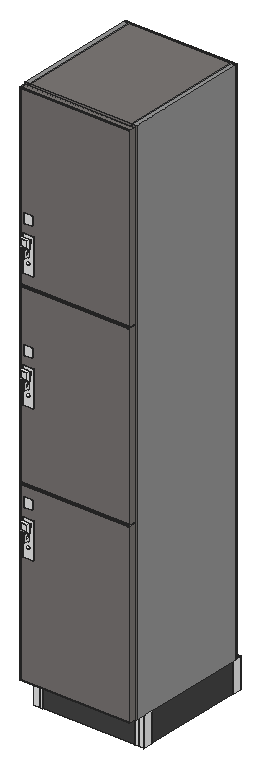
Revit family "Wood_Lockers_Hasps-Salsbury_Industries-15_43000_Series-1_Wide_Units.rfa", category Specialty Equipment, Revit 2016 (continued)
Definition of nested family "Premier Locker Doors_Hasp"
  Dimensions and locks (in)
    plane 48 to plane 30 "Center of Lock" to plane 47 = 0.188" locked, 0.188" locked
    locked: plane 46 "Top of Hole" to plane 49 "Bottom of Hole" at 1.25
    plane 49 "Bottom of Hole" to plane 50 "Stud Alignment" = 0.750"
    locked: plane 42 to plane 51 "Center of Handle" at 0.625
    plane 52 to plane 51 "Center of Handle" to plane 53 = 0.188" locked, 0.188" locked
    plane 7 "Front of Door" to plane 39 "Front of Knob" = 0.750"
    locked: plane 42 to plane 54 at 0.22204
    locked: plane 55 to plane 45 at 0.22204
    locked: plane 7 "Front of Door" to plane 56 "Front of Latch" at 0.625
    locked: plane 57 to plane 58 at 1
    locked: plane 46 "Top of Hole" to plane 57 at 0.1281
    equal spacing: plane 58, plane 59, plane 57
    locked: plane 60 to plane 5 "Right Side of Door" at 0.594
    locked: plane 57 to plane 61 at 0.0599
    locked: plane 62 to plane 58 at 0.06376
    plane 12 "Bottom of Number Tag" to plane 20 "Top of Lock" = 1.1875"
    aligned and locked: level to plane 2
    aligned and locked: Extrusion 5 to plane 11 "Top of Number Tag"
    aligned and locked: plane 12 "Bottom of Number Tag" to Extrusion 5
    aligned and locked: Extrusion 5 to plane 14 "Right Side of Number Tag"
    aligned and locked: Extrusion 5 to plane 13 "Left Side of Number Tag"
    aligned and locked: plane 29 "Back of Number Plate Inset" to Extrusion 5
    aligned and locked: plane 7 "Front of Door" to Extrusion 5
    aligned and locked: plane 29 "Back of Number Plate Inset" to Extrusion 6
    aligned and locked: plane 7 "Front of Door" to Extrusion 6
    aligned and locked: Extrusion 6 to plane 14 "Right Side of Number Tag"
    aligned and locked: Extrusion 6 to plane 13 "Left Side of Number Tag"
    aligned and locked: Extrusion 6 to plane 11 "Top of Number Tag"
    aligned and locked: plane 12 "Bottom of Number Tag" to Extrusion 6
    aligned and locked: curve 9 to Extrusion 8
    aligned and locked: curve 10 to Extrusion 8
    aligned and locked: curve 11 to Extrusion 8
    aligned and locked: Extrusion 7 to curve 12
    aligned and locked: curve 14 to Extrusion 7
    aligned and locked: curve 16 to plane 7 "Front of Door"
    aligned and locked: curve 19 to Extrusion 8  (x2)
    aligned and locked: curve 21 to Extrusion 8
    aligned and locked: curve 18 to curve 22
    aligned and locked: curve 22 to Extrusion 9  (x2)
    aligned and locked: curve 24 to Extrusion 9
    aligned and locked: curve 25 to Extrusion 10
    aligned and locked: curve 26 to Extrusion 10
    aligned and locked: curve 27 to Extrusion 10
    aligned and locked: plane 20 "Top of Lock" to Extrusion 11 sketch curve
    aligned and locked: Extrusion 11 sketch curve to plane 21 "Bottom of Lock"
    aligned and locked: Extrusion 11 to plane 29 "Back of Number Plate Inset"
    aligned and locked: plane 7 "Front of Door" to Extrusion 11
    aligned and locked: Extrusion 3 to Extrusion 11
    aligned and locked: Sweep 14 to plane 50 "Stud Alignment"  (x2)
    aligned and locked: Extrusion 15 to plane 7 "Front of Door"
    aligned and locked: Extrusion 15 to plane 22 "Front of Hasp Stud"
    aligned and locked: Extrusion 15 to plane 50 "Stud Alignment"
    aligned and locked: Blend 17 to plane 39 "Front of Knob"
    aligned and locked: plane 38 "Inner Knob" to Blend 17
    aligned and locked: plane 6 "Back of Door" to Extrusion 18 sketch curve
    aligned and locked: plane 56 "Front of Latch" to Extrusion 18 sketch curve
    aligned and locked: Extrusion 18 to plane 57
    aligned and locked: plane 58 to Extrusion 18
    aligned and locked: plane 59 to cut or joined group of Extrusion 18, Extrusion 19
    aligned and locked: Extrusion 13 sketch curve to plane 61  (x2)
    aligned and locked: Extrusion 13 sketch curve to plane 62  (x2)
  Automatic sketch dimensions
    Extrusion 1 sketch curve to plane 4 "Left Side of Door" = 0.031"
    plane 5 "Right Side of Door" to Extrusion 1 sketch curve = 0.031"
    level to Extrusion 1 sketch curve = 0.031"
    plane 9 "Top of Door" to Extrusion 1 sketch curve = 0.031"
    Extrusion 2 sketch curve to plane 4 "Left Side of Door" = 0.031"
    plane 5 "Right Side of Door" to Extrusion 2 sketch curve = 0.031"
    level to Extrusion 2 sketch curve = 0.031"
    plane 9 "Top of Door" to Extrusion 2 sketch curve = 0.031"
    Extrusion 3 sketch curve to plane 4 "Left Side of Door" = 0.031"
    plane 5 "Right Side of Door" to Extrusion 3 sketch curve = 0.031"
    level to Extrusion 3 sketch curve = 0.031"
    plane 9 "Top of Door" to Extrusion 3 sketch curve = 0.031"
    plane 23 "Left Side of Door-Right Side of Trim" to Sweep 4 sketch curve = 0.000"
    plane 24 "Right Side of Door-Left Side of Trim" to Sweep 4 sketch curve = 0.000"  (x2)
    Sweep 4 sketch curve to plane 26 "Bottom of Door-Top of Trim" = 0.000"
    Sweep 4 sketch curve to plane 25 "Top of Door-Bottom of Trim" = 0.000"
    profile plane to Sweep 4 sketch curve = 0.125"
    Sweep 4 sketch curve to Sweep 4 sketch curve = 0.031"
    Sweep 4 sketch curve to plane 1 "Center (Front/Back)" = 0.375"
    plane 1 "Center (Front/Back)" to Sweep 4 sketch curve = 0.375"
    Extrusion 7 sketch curve to plane 33 = 0.000"
    Extrusion 7 sketch curve to plane 34 = 0.000"
    plane 36 to Extrusion 8 sketch curve = 0.000"
    Extrusion 8 sketch curve to Extrusion 8 sketch curve = 0.500"
    plane 35 "Top Hinge" to Extrusion 8 sketch curve = 0.250"
    Extrusion 8 sketch curve to plane 35 "Top Hinge" = 0.250"
    plane 36 to Extrusion 9 sketch curve = 0.000"
    Extrusion 9 sketch curve to Extrusion 9 sketch curve = 0.500"
    plane 37 "Bottom Hinge" to Extrusion 9 sketch curve = 0.250"
    Extrusion 9 sketch curve to plane 37 "Bottom Hinge" = 0.250"
    plane 36 to Extrusion 10 sketch curve = 0.000"
    Extrusion 10 sketch curve to Extrusion 10 sketch curve = 0.500"
    curve 4 to level = 0.000"
    plane 4 "Left Side of Door" to curve 4 = 0.000"
    plane 5 "Right Side of Door" to curve 3 = 0.000"
    curve 3 to plane 9 "Top of Door" = 0.000"
    Extrusion 5 sketch curve to plane 13 "Left Side of Number Tag" = 0.000"
    Extrusion 5 sketch curve to plane 12 "Bottom of Number Tag" = 0.000"
    Extrusion 5 sketch curve to plane 11 "Top of Number Tag" = 0.000"
    Extrusion 5 sketch curve to plane 14 "Right Side of Number Tag" = 0.000"
    Extrusion 6 sketch curve to plane 13 "Left Side of Number Tag" = 0.000"
    Extrusion 6 sketch curve to plane 12 "Bottom of Number Tag" = 0.000"
    Extrusion 6 sketch curve to plane 11 "Top of Number Tag" = 0.000"
    Extrusion 6 sketch curve to plane 14 "Right Side of Number Tag" = 0.000"
    Extrusion 11 sketch curve to plane 13 "Left Side of Number Tag" = 0.125"
    Extrusion 10 sketch curve to plane 10 "Center of Door" = 0.250"
    plane 10 "Center of Door" to Extrusion 10 sketch curve = 0.250"
    Extrusion 11 sketch curve to plane 21 "Bottom of Lock" = 0.125"
    plane 13 "Left Side of Number Tag" to Extrusion 5 sketch curve = 0.14916"
    Extrusion 5 sketch curve to Extrusion 5 sketch curve = 0.14916"  (x2)
    plane 13 "Left Side of Number Tag" to Extrusion 6 sketch curve = 0.14916"
    Extrusion 6 sketch curve to plane 12 "Bottom of Number Tag" = 0.14916"
    plane 13 "Left Side of Number Tag" to Extrusion 11 sketch curve = 0.000"  (x2)
    Extrusion 5 sketch curve to plane 12 "Bottom of Number Tag" = 0.14916"
    Extrusion 6 sketch curve to plane 14 "Right Side of Number Tag" = 0.14916"  (x2)
    plane 14 "Right Side of Number Tag" to Extrusion 11 sketch curve = 0.000"  (x2)
    Extrusion 12 sketch curve to plane 17 "Left Side of Lock" = 0.000"
    plane 13 "Left Side of Number Tag" to Extrusion 12 sketch curve = 0.000"  (x2)
    plane 14 "Right Side of Number Tag" to Extrusion 12 sketch curve = 0.000"  (x2)
    Extrusion 12 sketch curve to plane 20 "Top of Lock" = 0.000"
    Extrusion 12 sketch curve to plane 18 "Right Side of Lock" = 0.000"
    Extrusion 12 sketch curve to plane 21 "Bottom of Lock" = 0.125"
    plane 15 "Horizontal Center of Number Tag" to Sweep 14 sketch curve = 0.000"
    Sweep 14 sketch curve to plane 50 "Stud Alignment" = 0.000"
    Sweep 14 sketch curve to plane 7 "Front of Door" = 0.000"
    Sweep 14 sketch curve to profile plane = 0.000"
    profile plane to Sweep 14 sketch curve = 0.00168"
    profile plane to Sweep 14 sketch curve = 0.156"
    Sweep 14 sketch curve to plane 7 "Front of Door" = 0.03275"
    Extrusion 15 sketch curve to Extrusion 15 sketch curve = 0.000"  (x2)
    Extrusion 15 sketch curve to plane 50 "Stud Alignment" = 0.000"
    plane 15 "Horizontal Center of Number Tag" to Extrusion 15 sketch curve = 0.000"
    plane 15 "Horizontal Center of Number Tag" to Extrusion 15 sketch curve = 0.010"
    plane 13 "Left Side of Number Tag" to Sweep 16 sketch curve = 0.000"
    plane 14 "Right Side of Number Tag" to Sweep 16 sketch curve = 0.000"
    Sweep 16 sketch curve to plane 45 = 0.000"
    Sweep 16 sketch curve to plane 42 = 0.000"
    Sweep 16 sketch curve to plane 7 "Front of Door" = 0.000"
    profile plane to Sweep 16 sketch curve = 0.000"
    profile plane to Sweep 16 sketch curve = 0.22043"
    Sweep 16 sketch curve to Sweep 16 sketch curve = 0.01681"
    profile plane to Sweep 16 sketch curve = 0.33926"
    Sweep 16 sketch curve to Sweep 16 sketch curve = 0.14344"
    Sweep 16 sketch curve to Sweep 16 sketch curve = 0.15329"
    Sweep 16 sketch curve to Sweep 16 sketch curve = 0.59563"
    Sweep 16 sketch curve to Sweep 16 sketch curve = 0.24142"
    Sweep 16 sketch curve to Sweep 16 sketch curve = 0.00858"
    Sweep 16 sketch curve to Sweep 16 sketch curve = 0.51788"
    Sweep 16 sketch curve to Sweep 16 sketch curve = 0.31119"
    Sweep 16 sketch curve to Sweep 16 sketch curve = 0.11721"
    Sweep 16 sketch curve to Sweep 16 sketch curve = 0.01742"
    Sweep 16 sketch curve to Sweep 16 sketch curve = 0.06553"
    Sweep 16 sketch curve to Sweep 16 sketch curve = 0.000"
    Blend 17 sketch curve to plane 54 = 0.000"
    Blend 17 sketch curve to plane 55 = 0.000"
    Blend 17 sketch curve to plane 47 = 0.21496"
    plane 48 to Blend 17 sketch curve = 0.21496"
    plane 54 to Blend 17 sketch curve = 0.03267"
    Blend 17 sketch curve to plane 40 = 0.00461"
    Blend 17 sketch curve to plane 47 = 0.18235"
    plane 48 to Blend 17 sketch curve = 0.18227"
    Extrusion 18 sketch curve to plane 57 = 0.000"
    Extrusion 18 sketch curve to plane 58 = 0.000"
    plane 59 to Extrusion 19 sketch curve = 0.000"
    Extrusion 19 sketch curve to plane 22 "Front of Hasp Stud" = 0.16637"
    curve 29 to plane 14 "Right Side of Number Tag" = 0.000"
    curve 29 to plane 20 "Top of Lock" = 0.000"
    curve 30 to plane 18 "Right Side of Lock" = 0.000"
    curve 29 to plane 13 "Left Side of Number Tag" = 0.000"
    curve 31 to plane 42 = 0.000"
    curve 32 to plane 21 "Bottom of Lock" = 0.125"
    curve 34 to plane 14 "Right Side of Number Tag" = 0.000"
    curve 35 to plane 13 "Left Side of Number Tag" = 0.000"
    plane 15 "Horizontal Center of Number Tag" to curve 37 = 0.000"
    plane 47 to curve 37 = 0.000"
    plane 57 to curve 37 = 0.0599"
    curve 39 to plane 58 = 0.0661"
    curve 42 to plane 14 "Right Side of Number Tag" = 0.000"
    curve 41 to plane 13 "Left Side of Number Tag" = 0.000"
    curve 41 to plane 45 = 0.000"
    curve 43 to plane 42 = 0.000"
    curve 46 to plane 57 = 0.000"
    curve 46 to plane 15 "Horizontal Center of Number Tag" = 0.063"
    plane 15 "Horizontal Center of Number Tag" to curve 45 = 0.063"
    curve 47 to plane 58 = 0.000"
    curve 15 to plane 6 "Back of Door" = 0.000"
    plane 9 "Top of Door" to curve 15 = 0.000"
    plane 57 to curve 49 = 0.000"
    curve 51 to plane 56 "Front of Latch" = 0.000"
    plane 58 to curve 51 = 0.000"
    curve 17 to level = 0.000"
    plane 59 to curve 52 = 0.000"
    curve 53 to plane 22 "Front of Hasp Stud" = 0.16637"
    plane 7 "Front of Door" to curve 53 = 0.04137"
    plane 53 to curve 54 = 0.05633"
    curve 54 to plane 22 "Front of Hasp Stud" = 0.11642"
    plane 55 to curve 55 = 0.00161"
    curve 55 to plane 40 = 0.00465"
    plane 45 to curve 56 = 0.000"
    curve 56 to plane 39 "Front of Knob" = 0.01788"
    curve 56 to plane 40 = 0.08926"
    plane 55 to curve 57 = 0.000"
    curve 57 to plane 40 = 0.03757"
    plane 39 "Front of Knob" to curve 57 = 0.004"
    plane 42 to curve 60 = 0.000"
    curve 58 to plane 39 "Front of Knob" = 0.000"
    plane 54 to curve 58 = 0.000"
    plane 54 to curve 59 = 0.000"
    plane 55 to curve 58 = 0.000"
    curve 60 to plane 39 "Front of Knob" = 0.01788"
    curve 60 to plane 52 = 0.09774"
    plane 54 to curve 60 = 0.03261"
    plane 56 "Front of Latch" to curve 59 = 0.02711"
    plane 54 to curve 59 = 0.06553"
    plane 39 "Front of Knob" to curve 59 = 0.004"
    curve 61 to plane 54 = 0.00161"
    curve 61 to plane 22 "Front of Hasp Stud" = 0.11642"
    plane 6 "Back of Door" to curve 9 = 0.000"
    curve 6 to plane 4 "Left Side of Door" = 0.000"
    plane 7 "Front of Door" to curve 6 = 0.000"
    plane 7 "Front of Door" to curve 28 = 0.000"
    curve 67 to plane 14 "Right Side of Number Tag" = 0.000"
    curve 65 to plane 13 "Left Side of Number Tag" = 0.000"
    curve 66 to plane 39 "Front of Knob" = 0.000"
    curve 28 to plane 17 "Left Side of Lock" = 0.000"
    curve 28 to plane 18 "Right Side of Lock" = 0.000"
    curve 8 to plane 5 "Right Side of Door" = 0.000"
    curve 64 to plane 22 "Front of Hasp Stud" = 0.11642"
    curve 69 to plane 22 "Front of Hasp Stud" = 0.11642"
    curve 68 to plane 39 "Front of Knob" = 0.01788"
    curve 65 to plane 39 "Front of Knob" = 0.01788"
    curve 14 to plane 23 "Left Side of Door-Right Side of Trim" = 0.07537"
    plane 48 to curve 64 = 0.21657"
    plane 48 to curve 65 = 0.09774"
    plane 48 to curve 63 = 0.05633"
    curve 70 to plane 47 = 0.05633"
    curve 68 to plane 47 = 0.09774"
    curve 69 to curve 69 = 0.16024"
    curve 64 to curve 65 = 0.15655"
    curve 69 to curve 68 = 0.15655"
    plane 39 "Front of Knob" to curve 67 = 0.004"
    plane 33 to curve 14 = 0.250"
    curve 66 to curve 65 = 0.11721"
    curve 67 to plane 47 = 0.14943"
    curve 68 to curve 66 = 0.11721"
    curve 67 to curve 66 = 0.000"
    plane 39 "Front of Knob" to curve 71 = 0.004"
    curve 71 to curve 66 = 0.000"
    plane 48 to curve 71 = 0.14943"
    plane 1 "Center (Front/Back)" to curve 73 = 0.000"
    curve 73 to plane 4 "Left Side of Door" = 0.000"
    curve 73 to plane 60 = 0.000"
    plane 48 to Extrusion 13 sketch curve = 0.000"
    plane 15 "Horizontal Center of Number Tag" to Extrusion 13 sketch curve = 0.000"
    radius of Extrusion 7 sketch curve = 0.250"
    radius of Sweep 14 sketch curve = 0.010"
    radius of Extrusion 19 sketch curve = 0.250"
Definition of nested family "Wood Locker Bases"
  Parameters (values of type "Base - 12" W x 15" D Lockers")
    Width = 12.000"
    Visible Base = yes
    Visible = no
    Model = "Base - 12\" W x 15\" D Lockers"
    Manufacturer = "Salsbury Industries"
    Height = 4.000"
    Depth = 13.250"
    Base Secondary Material = none
    Base Primary Materials = none
    Base Hardware = none
  Types (14): name | Width | Visible Base | Visible | Model | Depth
    (no name) | 12.000" | yes | no | "Base - 12\" W x 15\" D Lockers" | 13.250"
    Base - 12" W x 15" D Lockers | 12.000" | yes | no | "Base - 12\" W x 15\" D Lockers" | 13.250"
    Base - 12" W x 18" D Lockers | 12.000" | yes | no | "Base - 12\" W x 18\" D Lockers" | 16.250"
    Base - 12" W x 21" D Lockers | 12.000" | yes | no | "Base - 12\" W x 21\" D Lockers" | 19.250"
    Base - 36" W x 15" D Lockers | 36.000" | yes | yes | "Base - 36\" W x 15\" D Lockers" | 13.250"
    Base - 36" W x 18" D Lockers | 36.000" | yes | yes | "Base - 36\" W x 18\" D Lockers" | 16.250"
    Base - 36" W x 21" D Lockers | 36.000" | yes | yes | "Base - 36\" W x 21\" D Lockers" | 19.250"
    Base - 15" W x 18" D Lockers | 15.000" | yes | no | "Base - 15\" W x 18\" D Lockers" | 16.250"
    Base - 15" W x 21" D Lockers | 15.000" | yes | no | "Base - 15\" W x 21\" D Lockers" | 19.250"
    Base - 15" W x 24" D Lockers | 15.000" | yes | no | "Base - 15\" W x 24\" D Lockers" | 22.250"
    Base - 45" W x 18" D Lockers | 45.000" | yes | yes | "Base - 45\" W x 18\" D Lockers" | 16.250"
    Base - 45" W x 21" D Lockers | 45.000" | yes | yes | "Base - 45\" W x 21\" D Lockers" | 19.250"
    Base - 45" W x 24" D Lockers | 45.000" | yes | yes | "Base - 45\" W x 24\" D Lockers" | 22.250"
    None | 12.000" | no | no | "Base - 12\" W x 15\" D Lockers" | 13.250"
  Reference planes (in)
    plane 1 "Center (Front/Back)": y = 0
    plane 2: z = 0
    plane 3 "Center (Left/Right)": x = 0
    plane 4 "Left Edge": x = -6
    plane 5 "Right Edge": x = 6
    plane 6 "Back Edge": y = 6.625
    plane 7 "Front Edge": y = -6.625
    plane 8 "Bottom Edge": z = 0
    plane 9 "Top Edge": z = 4
    plane 10: x = -4.75
    plane 11: x = -4.102
    plane 12: y = 6.562
    plane 13: y = 5.8
    plane 14: x = -5.131
    plane 15: x = -5.256
    plane 16: x = -5.937
    plane 17: x = -5.175
    plane 18: y = 4.727
    plane 19: y = 5.375
    plane 20: y = 5.756
    plane 21: y = 5.881
    plane 22: x = -5.931
    plane 23: x = 5.931
    plane 24: y = 6.556
    plane 25: y = -6.556
    plane 26: y = 6.525
    plane 27: y = -6.525
    plane 28: x = -5.9
    plane 29: x = 5.9
    plane 30: x = -2.375
    plane 31: x = 2.375
  Forms (in)
    Extrusion 1, solid, material <- "Base Hardware", visible <- "Visible Base"
      sketch origin (0, 0, 0) x (1, 0, 0) y (0, 1, 0)
        loop
          arc (-5.96712, 6.625) -> (-5.99098, 6.61598) -> (-6, 6.59212) r 0.031
          line (-6, 6.59212) -> (-6, 5.4065)
          arc (-6, 5.4065) -> (-5.9685, 5.375) -> (-5.937, 5.4065) r 0.0315
          line (-5.937, 5.4065) -> (-5.937, 5.756) -> (-5.837, 5.756) -> (-5.837, 5.819) -> (-5.937, 5.819) -> (-5.937, 6.51465) -> (-5.256, 5.83365) -> (-5.256, 5.756) -> (-5.175, 5.756) -> (-5.175, 4.75833)
          arc (-5.175, 4.75833) -> (-5.14367, 4.727) -> (-5.11235, 4.75833) r 0.03133
          line (-5.11235, 4.75833) -> (-5.11235, 5.73703) -> (-4.13348, 5.73703)
          arc (-4.13348, 5.73703) -> (-4.102, 5.76852) -> (-4.13348, 5.8) r 0.03148
          line (-4.13348, 5.8) -> (-5.131, 5.8) -> (-5.131, 5.881) -> (-5.21422, 5.881) -> (-5.89522, 6.562) -> (-5.194, 6.562) -> (-5.194, 6.462) -> (-5.131, 6.462) -> (-5.131, 6.562) -> (-4.7814, 6.562)
          arc (-4.7814, 6.562) -> (-4.7499, 6.5935) -> (-4.7814, 6.625) r 0.0315
          line (-4.7814, 6.625) -> (-5.96712, 6.625)
      from 0 to 4
    Extrusion 2, solid, material <- "Base Hardware", visible <- "Visible Base"
      sketch origin (0, 0, 0) x (-1, 0, 0) y (0, -1, 0)
        loop
          line (-5.96712, -6.625) -> (-4.7814, -6.625)
          arc (-4.7814, -6.625) -> (-4.7499, -6.5935) -> (-4.7814, -6.562) r 0.0315
          line (-4.7814, -6.562) -> (-5.131, -6.562) -> (-5.131, -6.462) -> (-5.194, -6.462) -> (-5.194, -6.562) -> (-5.89522, -6.562) -> (-5.21422, -5.881) -> (-5.131, -5.881) -> (-5.131, -5.8) -> (-4.13348, -5.8)
          arc (-4.13348, -5.8) -> (-4.102, -5.76852) -> (-4.13348, -5.73703) r 0.03148
          line (-4.13348, -5.73703) -> (-5.11235, -5.73703) -> (-5.11235, -4.75833)
          arc (-5.11235, -4.75833) -> (-5.14367, -4.727) -> (-5.175, -4.75833) r 0.03133
          line (-5.175, -4.75833) -> (-5.175, -5.756) -> (-5.256, -5.756) -> (-5.256, -5.83365) -> (-5.937, -6.51465) -> (-5.937, -5.819) -> (-5.837, -5.819) -> (-5.837, -5.756) -> (-5.937, -5.756) -> (-5.937, -5.4065)
          arc (-5.937, -5.4065) -> (-5.9685, -5.375) -> (-6, -5.4065) r 0.0315
          line (-6, -5.4065) -> (-6, -6.59212)
          arc (-6, -6.59212) -> (-5.99098, -6.61598) -> (-5.96712, -6.625) r 0.031
      from 0 to 4
    Extrusion 3, solid, material <- "Base Hardware", visible <- "Visible Base"
      sketch origin (0, 0, 0) x (1, 0, 0) y (0, 1, 0)
        loop
          line (-5.96712, -6.625) -> (-4.7814, -6.625)
          arc (-4.7814, -6.625) -> (-4.7499, -6.5935) -> (-4.7814, -6.562) r 0.0315
          line (-4.7814, -6.562) -> (-5.131, -6.562) -> (-5.131, -6.462) -> (-5.194, -6.462) -> (-5.194, -6.562) -> (-5.89522, -6.562) -> (-5.21422, -5.881) -> (-5.131, -5.881) -> (-5.131, -5.8) -> (-4.13348, -5.8)
          arc (-4.13348, -5.8) -> (-4.102, -5.76852) -> (-4.13348, -5.73703) r 0.03148
          line (-4.13348, -5.73703) -> (-5.11235, -5.73703) -> (-5.11235, -4.75833)
          arc (-5.11235, -4.75833) -> (-5.14367, -4.727) -> (-5.175, -4.75833) r 0.03133
          line (-5.175, -4.75833) -> (-5.175, -5.756) -> (-5.256, -5.756) -> (-5.256, -5.83365) -> (-5.937, -6.51465) -> (-5.937, -5.819) -> (-5.837, -5.819) -> (-5.837, -5.756) -> (-5.937, -5.756) -> (-5.937, -5.4065)
          arc (-5.937, -5.4065) -> (-5.9685, -5.375) -> (-6, -5.4065) r 0.0315
          line (-6, -5.4065) -> (-6, -6.59212)
          arc (-6, -6.59212) -> (-5.99098, -6.61598) -> (-5.96712, -6.625) r 0.031
      from 0 to 4
    Extrusion 4, solid, material <- "Base Hardware", visible <- "Visible Base"
      sketch origin (0, 0, 0) x (-1, 0, 0) y (0, -1, 0)
        loop
          arc (-5.96712, 6.625) -> (-5.99098, 6.61598) -> (-6, 6.59212) r 0.031
          line (-6, 6.59212) -> (-6, 5.4065)
          arc (-6, 5.4065) -> (-5.9685, 5.375) -> (-5.937, 5.4065) r 0.0315
          line (-5.937, 5.4065) -> (-5.937, 5.756) -> (-5.837, 5.756) -> (-5.837, 5.819) -> (-5.937, 5.819) -> (-5.937, 6.51465) -> (-5.256, 5.83365) -> (-5.256, 5.756) -> (-5.175, 5.756) -> (-5.175, 4.75833)
          arc (-5.175, 4.75833) -> (-5.14367, 4.727) -> (-5.11235, 4.75833) r 0.03133
          line (-5.11235, 4.75833) -> (-5.11235, 5.73703) -> (-4.13348, 5.73703)
          arc (-4.13348, 5.73703) -> (-4.102, 5.76852) -> (-4.13348, 5.8) r 0.03148
          line (-4.13348, 5.8) -> (-5.131, 5.8) -> (-5.131, 5.881) -> (-5.21422, 5.881) -> (-5.89522, 6.562) -> (-5.194, 6.562) -> (-5.194, 6.462) -> (-5.131, 6.462) -> (-5.131, 6.562) -> (-4.7814, 6.562)
          arc (-4.7814, 6.562) -> (-4.7499, 6.5935) -> (-4.7814, 6.625) r 0.0315
          line (-4.7814, 6.625) -> (-5.96712, 6.625)
      from 0 to 4
    Extrusion 5, solid, material <- "Base Secondary Material", visible <- "Visible Base"
      sketch origin (0, 0, 0) x (0, -1, 0) y (1, 0, 0)
        loop
          line (-5.756, 5.9) -> (-5.756, 5.181) -> (5.75697, 5.181) -> (5.75697, 5.9) -> (-5.756, 5.9)
      from 0 to 4
    Extrusion 6, solid, material <- "Base Secondary Material", visible <- "Visible Base"
      sketch origin (0, 0, 0) x (0, -1, 0) y (1, 0, 0)
        loop
          line (-5.756, -5.9) -> (5.75697, -5.9) -> (5.75697, -5.181) -> (-5.756, -5.181) -> (-5.756, -5.9)
      from 0 to 4
    Extrusion 7, solid, material <- "Base Secondary Material", visible <- "Visible Base"
      sketch origin (-2.05521, 0.625, 0) x (1, 0, 0) y (0, 1, 0)
        loop
          line (-3.07579, 5.9) -> (-3.07579, 5.181) -> (7.18621, 5.181) -> (7.18621, 5.9) -> (-3.07579, 5.9)
      from 0 to 4
    Extrusion 8, solid, material <- "Base Secondary Material", visible <- "Visible Base"
      sketch origin (-2.05521, -0.625, 0) x (1, 0, 0) y (0, 1, 0)
        loop
          line (-3.07579, -5.9) -> (7.18621, -5.9) -> (7.18621, -5.181) -> (-3.07579, -5.181) -> (-3.07579, -5.9)
      from 0 to 4
    Extrusion 9, solid, material <- "Base Primary Materials", visible <- "Visible Base"
      sketch origin (0.76452, 0, 0) x (0, -1, 0) y (1, 0, 0)
        loop
          line (-5.756, 5.16648) -> (-5.756, 5.13548) -> (5.75697, 5.13548) -> (5.75697, 5.16648) -> (-5.756, 5.16648)
      from 0 to 4
    Extrusion 10, solid, material <- "Base Primary Materials", visible <- "Visible Base"
      sketch origin (-0.719, 0, 0) x (0, -1, 0) y (1, 0, 0)
        loop
          line (-5.756, -5.212) -> (5.75697, -5.212) -> (5.75697, -5.181) -> (-5.756, -5.181) -> (-5.756, -5.212)
      from 0 to 4
    Extrusion 11, solid, material <- "Base Primary Materials", visible <- "Visible Base"
      sketch origin (-2.05521, 1.344, 0) x (1, 0, 0) y (0, 1, 0)
        loop
          line (-3.07579, 5.218) -> (-3.07579, 5.181) -> (7.18621, 5.181) -> (7.18621, 5.218) -> (-3.07579, 5.218)
      from 0 to 4
    Extrusion 12, solid, material <- "Base Primary Materials", visible <- "Visible Base"
      sketch origin (-2.05521, -1.344, 0) x (1, 0, 0) y (0, 1, 0)
        loop
          line (-3.07579, -5.212) -> (7.18621, -5.212) -> (7.18621, -5.181) -> (-3.07579, -5.181) -> (-3.07579, -5.212)
      from 0 to 4
    Extrusion 13, solid, material <- "Base Secondary Material", visible <- "Visible"
      sketch origin (0, 0, 4) x (0, -1, 0) y (1, 0, 0)
        loop
          line (-5.806, -2.375) -> (5.806, -2.375) -> (5.806, 2.375) -> (-5.806, 2.375) -> (-5.806, -2.375)
      from 0 to -0.75
    Extrusion 14, solid, material <- "Base Secondary Material", visible <- "Visible"
      sketch origin (0, 0, 0) x (0, -1, 0) y (1, 0, 0)
        loop
          line (-5.806, -2.375) -> (-5.056, -2.375) -> (-5.056, 2.375) -> (-5.806, 2.375) -> (-5.806, -2.375)
      from 0 to 3.25
    Extrusion 15, solid, material <- "Base Secondary Material", visible <- "Visible"
      sketch origin (0, 0, 0) x (0, 1, 0) y (-1, 0, 0)
        loop
          line (-5.806, 2.375) -> (-5.806, -2.375) -> (-5.056, -2.375) -> (-5.056, 2.375) -> (-5.806, 2.375)
      from 0 to 3.25
  Dimensions and locks (in)
    equal spacing: plane 4 "Left Edge", plane 3 "Center (Left/Right)", plane 5 "Right Edge"
    "Width": plane 4 "Left Edge" to plane 5 "Right Edge"
    equal spacing: plane 7 "Front Edge", plane 1 "Center (Front/Back)", plane 6 "Back Edge"
    "Depth": plane 7 "Front Edge" to plane 6 "Back Edge"
    "Height": plane 9 "Top Edge" to plane 8 "Bottom Edge"
    locked: plane 4 "Left Edge" to plane 10 at 1.25
    locked: plane 4 "Left Edge" to plane 11 at 1.898
    locked: plane 12 to plane 6 "Back Edge" at 0.063
    plane 14 to plane 10 = 0.381"
    locked: plane 12 to plane 13 at 0.762
    locked: plane 4 "Left Edge" to plane 16 at 0.063
    locked: plane 16 to plane 17 at 0.762
    locked: plane 19 to plane 6 "Back Edge" at 1.25
    locked: plane 18 to plane 6 "Back Edge" at 1.898
    plane 15 to plane 17 = 0.081"
    plane 21 to plane 13 = 0.081"
    plane 19 to plane 20 = 0.381"
    plane 24 to plane 6 "Back Edge" = 0.069"
    plane 7 "Front Edge" to plane 25 = 0.069"
    plane 23 to plane 5 "Right Edge" = 0.069"
    plane 4 "Left Edge" to plane 22 = 0.069"
    plane 26 to plane 24 = 0.031"
    plane 25 to plane 27 = 0.031"
    plane 22 to plane 28 = 0.031"
    plane 29 to plane 23 = 0.031"
    plane 30 to plane 3 "Center (Left/Right)" to plane 31 = 2.375" locked, 2.375" locked
    aligned and locked: level to plane 2
    aligned and locked: plane 30 to Extrusion 13
    aligned and locked: plane 30 to Extrusion 14
    aligned and locked: plane 30 to Extrusion 15
    aligned and locked: Extrusion 13 to plane 31
    aligned and locked: Extrusion 14 to plane 31
    aligned and locked: Extrusion 15 to plane 31
  Automatic sketch dimensions
    Extrusion 1 sketch curve to plane 4 "Left Edge" = 0.000"
    plane 6 "Back Edge" to Extrusion 1 sketch curve = 0.000"
    Extrusion 1 sketch curve to plane 16 = 0.000"  (x2)
    Extrusion 1 sketch curve to plane 12 = 0.000"  (x2)
    plane 20 to Extrusion 1 sketch curve = 0.000"  (x2)
    Extrusion 1 sketch curve to plane 15 = 0.000"
    plane 21 to Extrusion 1 sketch curve = 0.000"
    Extrusion 1 sketch curve to plane 17 = 0.000"
    Extrusion 1 sketch curve to plane 14 = 0.000"  (x2)
    Extrusion 1 sketch curve to plane 13 = 0.000"
    Extrusion 1 sketch curve to plane 4 "Left Edge" = 0.03094"
    plane 16 to Extrusion 1 sketch curve = 0.03012"
    Extrusion 1 sketch curve to plane 28 = 0.00478"
    Extrusion 1 sketch curve to plane 28 = 0.063"
    plane 17 to Extrusion 1 sketch curve = 0.03922"
    plane 17 to Extrusion 1 sketch curve = 0.019"
    plane 14 to Extrusion 1 sketch curve = 0.01267"
    plane 10 to Extrusion 1 sketch curve = 0.0314"
    plane 11 to Extrusion 1 sketch curve = 0.03148"
    plane 20 to Extrusion 1 sketch curve = 0.01897"
    Extrusion 1 sketch curve to plane 19 = 0.0315"
    Extrusion 1 sketch curve to plane 18 = 0.03133"
    plane 13 to Extrusion 1 sketch curve = 0.019"
    plane 13 to Extrusion 1 sketch curve = 0.03365"
    plane 26 to Extrusion 1 sketch curve = 0.063"
    plane 26 to Extrusion 1 sketch curve = 0.01035"
    plane 12 to Extrusion 1 sketch curve = 0.03012"
    Extrusion 2 sketch curve to plane 5 "Right Edge" = 0.000"
    plane 6 "Back Edge" to Extrusion 2 sketch curve = 0.000"
    plane 20 to Extrusion 2 sketch curve = 0.000"  (x2)
    plane 12 to Extrusion 2 sketch curve = 0.000"  (x2)
    plane 21 to Extrusion 2 sketch curve = 0.000"
    plane 13 to Extrusion 2 sketch curve = 0.000"
    Extrusion 2 sketch curve to plane 5 "Right Edge" = 0.03094"
    Extrusion 2 sketch curve to Extrusion 2 sketch curve = 0.0315"
    Extrusion 2 sketch curve to Extrusion 2 sketch curve = 0.00194"
    plane 23 to Extrusion 2 sketch curve = 0.006"
    Extrusion 2 sketch curve to plane 29 = 0.00478"
    Extrusion 2 sketch curve to plane 29 = 0.063"
    Extrusion 2 sketch curve to plane 13 = 0.03365"
    Extrusion 2 sketch curve to Extrusion 2 sketch curve = 0.581"
    Extrusion 2 sketch curve to Extrusion 2 sketch curve = 0.04178"
    Extrusion 2 sketch curve to plane 26 = 0.063"
    Extrusion 2 sketch curve to Extrusion 2 sketch curve = 0.02022"
    plane 18 to Extrusion 2 sketch curve = 0.03133"
    Extrusion 2 sketch curve to plane 29 = 0.725"
    Extrusion 2 sketch curve to Extrusion 2 sketch curve = 0.03133"
    Extrusion 2 sketch curve to Extrusion 2 sketch curve = 0.063"
    Extrusion 2 sketch curve to Extrusion 2 sketch curve = 0.08322"
    Extrusion 2 sketch curve to Extrusion 2 sketch curve = 0.3496"
    Extrusion 2 sketch curve to Extrusion 2 sketch curve = 0.97886"
    plane 19 to Extrusion 2 sketch curve = 0.0315"
    Extrusion 2 sketch curve to plane 20 = 0.01897"
    Extrusion 2 sketch curve to plane 13 = 0.019"
    Extrusion 2 sketch curve to plane 26 = 0.01035"
    Extrusion 2 sketch curve to plane 12 = 0.03012"
    Extrusion 3 sketch curve to plane 4 "Left Edge" = 0.000"
    plane 7 "Front Edge" to Extrusion 3 sketch curve = 0.000"
    Extrusion 3 sketch curve to plane 16 = 0.000"  (x2)
    Extrusion 3 sketch curve to plane 15 = 0.000"
    Extrusion 3 sketch curve to plane 17 = 0.000"
    Extrusion 3 sketch curve to plane 14 = 0.000"  (x2)
    plane 4 "Left Edge" to Extrusion 3 sketch curve = 0.03094"
    Extrusion 3 sketch curve to plane 16 = 0.03012"
    plane 28 to Extrusion 3 sketch curve = 0.00478"
    plane 28 to Extrusion 3 sketch curve = 0.063"
    Extrusion 3 sketch curve to plane 17 = 0.03922"
    Extrusion 3 sketch curve to plane 17 = 0.019"
    Extrusion 3 sketch curve to plane 14 = 0.01267"
    Extrusion 3 sketch curve to plane 25 = 0.006"  (x2)
    Extrusion 3 sketch curve to plane 10 = 0.0314"
    Extrusion 3 sketch curve to plane 11 = 0.03148"
    plane 27 to Extrusion 3 sketch curve = 0.01035"
    plane 27 to Extrusion 3 sketch curve = 0.063"
    Extrusion 3 sketch curve to Extrusion 3 sketch curve = 0.581"
    Extrusion 3 sketch curve to Extrusion 3 sketch curve = 0.04735"
    Extrusion 3 sketch curve to Extrusion 3 sketch curve = 0.01465"
    Extrusion 3 sketch curve to Extrusion 3 sketch curve = 0.081"
    Extrusion 3 sketch curve to Extrusion 3 sketch curve = 0.03148"
    Extrusion 3 sketch curve to Extrusion 3 sketch curve = 0.044"
    Extrusion 3 sketch curve to Extrusion 3 sketch curve = 0.063"
    Extrusion 3 sketch curve to Extrusion 3 sketch curve = 0.3495"
    Extrusion 3 sketch curve to Extrusion 3 sketch curve = 0.97871"
    plane 7 "Front Edge" to Extrusion 3 sketch curve = 0.03288"
    Extrusion 4 sketch curve to plane 5 "Right Edge" = 0.000"
    plane 7 "Front Edge" to Extrusion 4 sketch curve = 0.000"
    plane 5 "Right Edge" to Extrusion 4 sketch curve = 0.03094"
    Extrusion 4 sketch curve to Extrusion 4 sketch curve = 0.0315"
    Extrusion 4 sketch curve to Extrusion 4 sketch curve = 0.00194"
    Extrusion 4 sketch curve to plane 23 = 0.006"
    plane 29 to Extrusion 4 sketch curve = 0.00478"
    plane 29 to Extrusion 4 sketch curve = 0.063"
    Extrusion 4 sketch curve to Extrusion 4 sketch curve = 0.581"
    Extrusion 4 sketch curve to Extrusion 4 sketch curve = 0.04178"
    Extrusion 4 sketch curve to plane 27 = 0.063"
    Extrusion 4 sketch curve to Extrusion 4 sketch curve = 0.02022"
    plane 29 to Extrusion 4 sketch curve = 0.725"
    Extrusion 4 sketch curve to Extrusion 4 sketch curve = 0.03133"
    Extrusion 4 sketch curve to Extrusion 4 sketch curve = 0.063"  (x2)
    Extrusion 4 sketch curve to Extrusion 4 sketch curve = 0.08322"
    plane 25 to Extrusion 4 sketch curve = 0.006"  (x2)
    Extrusion 4 sketch curve to Extrusion 4 sketch curve = 0.3496"
    Extrusion 4 sketch curve to plane 27 = 0.725"
    Extrusion 4 sketch curve to Extrusion 4 sketch curve = 0.97886"
    Extrusion 4 sketch curve to Extrusion 4 sketch curve = 0.03148"
    Extrusion 4 sketch curve to Extrusion 4 sketch curve = 0.044"
    Extrusion 4 sketch curve to Extrusion 4 sketch curve = 0.000"
    Extrusion 4 sketch curve to Extrusion 4 sketch curve = 0.3495"
    Extrusion 4 sketch curve to Extrusion 4 sketch curve = 0.97871"
    Extrusion 4 sketch curve to Extrusion 4 sketch curve = 0.07765"
    Extrusion 4 sketch curve to Extrusion 4 sketch curve = 0.081"
    Extrusion 4 sketch curve to plane 27 = 0.01035"
    Extrusion 4 sketch curve to plane 7 "Front Edge" = 0.03288"
    plane 20 to Extrusion 5 sketch curve = 0.000"
    Extrusion 5 sketch curve to plane 29 = 0.000"
    Extrusion 5 sketch curve to plane 27 = 0.76803"
    plane 29 to Extrusion 5 sketch curve = 0.719"
    plane 20 to Extrusion 6 sketch curve = 0.000"
    Extrusion 6 sketch curve to plane 28 = 0.000"
    plane 27 to Extrusion 6 sketch curve = 0.76803"
    Extrusion 6 sketch curve to plane 17 = 0.006"
    Extrusion 7 sketch curve to plane 14 = 0.000"
    plane 26 to Extrusion 7 sketch curve = 0.000"
    plane 29 to Extrusion 7 sketch curve = 0.769"
    plane 13 to Extrusion 7 sketch curve = 0.006"
    Extrusion 8 sketch curve to plane 14 = 0.000"
    plane 27 to Extrusion 8 sketch curve = 0.000"
    Extrusion 8 sketch curve to plane 29 = 0.769"
    plane 27 to Extrusion 8 sketch curve = 0.719"
    plane 20 to Extrusion 9 sketch curve = 0.000"
    Extrusion 9 sketch curve to plane 23 = 0.000"
    Extrusion 9 sketch curve to plane 29 = 0.000"
    Extrusion 9 sketch curve to plane 27 = 0.76803"
    plane 20 to Extrusion 10 sketch curve = 0.000"
    Extrusion 10 sketch curve to plane 22 = 0.000"
    Extrusion 10 sketch curve to plane 28 = 0.000"
    plane 27 to Extrusion 10 sketch curve = 0.76803"
    Extrusion 11 sketch curve to plane 14 = 0.000"
    plane 12 to Extrusion 11 sketch curve = 0.000"
    plane 26 to Extrusion 11 sketch curve = 0.000"
    plane 29 to Extrusion 11 sketch curve = 0.769"
    Extrusion 12 sketch curve to plane 14 = 0.000"
    plane 25 to Extrusion 12 sketch curve = 0.000"
    plane 27 to Extrusion 12 sketch curve = 0.000"
    Extrusion 12 sketch curve to plane 29 = 0.769"
    plane 13 to Extrusion 13 sketch curve = 0.006"
    Extrusion 13 sketch curve to plane 27 = 0.719"
    Extrusion 13 sketch curve to plane 11 = 1.727"
    plane 3 "Center (Left/Right)" to Extrusion 13 sketch curve = 2.375"
    plane 13 to Extrusion 14 sketch curve = 0.006"
    plane 19 to Extrusion 14 sketch curve = 0.319"
    Extrusion 14 sketch curve to plane 11 = 1.727"
    plane 3 "Center (Left/Right)" to Extrusion 14 sketch curve = 2.375"
    plane 27 to Extrusion 15 sketch curve = 0.719"
    Extrusion 15 sketch curve to Extrusion 15 sketch curve = 0.750"
    plane 11 to Extrusion 15 sketch curve = 1.727"
    Extrusion 15 sketch curve to plane 3 "Center (Left/Right)" = 2.375"
Definition of nested family "Wood Locker Sloping Hoods"
  Parameters (values of type "44834- for 24" Deep Lockers (3 Wide)")
    Width = 54.000"
    Visible = yes
    Version = "1.0 (12/15/23)"
    Type Comments = "Sloping Hood for Premier Wood Lockers"
    Model = "834"
    Manufacturer = "Salsbury Industries"
    Laminate Surface = none
    Height = 9.118"
    Description = "For 24\" D - 3 Wide Lockers"
    Depth = 23.625"
  Types (20): name | Width | Visible | Version | Type Comments | Model | Manufacturer | Height | Description | Depth
    (no name) | 54.000" | yes | "1.0 (12/15/23)" | "Sloping Hood for Premier Wood Lockers" | "834" | "Salsbury Industries" | 9.118" | "For 24\" D - 3 Wide Lockers" | 23.625"
    44357 - for 15" Deep Lockers (1 Wide) | 12.000" | yes | "1.0 (12/15/23)" | "Sloping Hood for Premier Wood Lockers" | "44357" | "Salsbury Industries" | 5.743" | "For 15\" D - 1 Wide Lockers" | 14.625"
    44353 - for 18" Deep Lockers (1 Wide) | 12.000" | yes | "1.0 (12/15/23)" | "Sloping Hood for Premier Wood Lockers" | "44353" | "Salsbury Industries" | 6.868" | "For 18\" D - 1 Wide Lockers" | 17.625"
    44352 - for 21" Deep Lockers (1 Wide) | 12.000" | yes | "1.0 (12/15/23)" | "Sloping Hood for Premier Wood Lockers" | "44352" | "Salsbury Industries" | 7.993" | "For 21\" D - 1 Wide Lockers" | 20.625"
    44359 - for 15" Deep Lockers (3 Wide) | 36.000" | yes | "1.0 (12/15/23)" | "Sloping Hood for Premier Wood Lockers" | "44359" | "Salsbury Industries" | 5.743" | "For 15\" D - 3 Wide Lockers" | 14.625"
    44356 - for 18" Deep Lockers (3 Wide) | 36.000" | yes | "1.0 (12/15/23)" | "Sloping Hood for Premier Wood Lockers" | "44356" | "Salsbury Industries" | 6.868" | "For 18\" D - 3 Wide Lockers" | 17.625"
    44354 - for 21" Deep Lockers (3 Wide) | 36.000" | yes | "1.0 (12/15/23)" | "Sloping Hood for Premier Wood Lockers" | "44354" | "Salsbury Industries" | 7.993" | "For 21\" D - 3 Wide Lockers" | 20.625"
    44255 - for 24" Deep Lockers (1 Wide) | 15.000" | yes | "1.0 (12/15/23)" | "Sloping Hood for Premier Wood Lockers" | "44255" | "Salsbury Industries" | 9.118" | "For 24\" D - 1 Wood Lockers" | 23.625"
    442257 - for 24" Deep Lockers (3 Wide) | 45.000" | yes | "1.0 (12/15/23)" | "Sloping Hood for Premier Wod Lockers" | "44257" | "Salsbury Industries" | 9.118" | "For 24\" D - 3 Wide Lockers" | 23.625"
    44252 - for 21" Deep Lockers (1 Wide) | 15.000" | yes | "1.0 (12/15/23)" | "Sloping Hood for 15\" Wide Premier Wood Lockers" | "44252" | "Salsbury Industries" | 7.993" | "For 21\" D - 1 Wide Lockers" | 20.625"
    44254 - for 21" Deep Lockers (3 Wide) | 45.000" | yes | "1.0 (12/15/23)" | "Sloping Hood for 15\" Wide Premier Wood Lockers" | "44254" | "Salsbury Industries" | 7.993" | "For 21\" D - 3 Wide Lockers" | 20.625"
    44251 - for 18" Deep Lockers (1 Wide) | 15.000" | yes | "1.0 (12/15/23)" | "Sloping Hood for 15\"Wide Premier Wood Lockers" | "44251" | "Salsbury Industries" | 6.868" | "For 18\" D - 1 Wide Lockers" | 17.625"
    44253 - for 18" Deep Lockers (3 Wide) | 45.000" | yes | "1.0 (12/15/23)" | "Sloping Hood for 15\" Wide Premier Wood Lockers" | "44253" | "Salsbury Industries" | 6.868" | "For 18\" D - 3 Wide Lockers" | 17.625"
    None | 12.000" | no | "" | "" | "" | "" | 5.743" | "" | 14.625"
    44818 - for 18" Deep Lockers (1 Wide) | 18.000" | yes | "1.0 (12/15/23)" | "Sloping Hood for Premier Wood Lockers" | "44818" | "Salsbury Industries" | 6.868" | "For 18\" D - 1 Wide Lockers" | 17.625"
    44811- for 21" Deep Lockers (1 Wide) | 18.000" | yes | "1.0 (12/15/23)" | "Sloping Hood for Premier Wood Lockers" | "44811" | "Salsbury Industries" | 7.993" | "For 21\" D - 1 Wide Lockers" | 20.625"
    44814- for 24" Deep Lockers (1 Wide) | 18.000" | yes | "1.0 (12/15/23)" | "Sloping Hood for Premier Wood Lockers" | "44814" | "Salsbury Industries" | 9.118" | "For 24\" D - 1 Wide Lockers" | 23.625"
    44838- for 18" Deep Lockers (3 Wide) | 54.000" | yes | "1.0 (12/15/23)" | "Sloping Hood for Premier Wood Lockers" | "44838" | "Salsbury Industries" | 6.868" | "For 18\" D - 3 Wide Lockers" | 17.625"
    44831- for 21" Deep Lockers (3 Wide) | 54.000" | yes | "1.0 (12/15/23)" | "Sloping Hood for Premier Wood Lockers" | "44831" | "Salsbury Industries" | 7.993" | "For 21\" D - 3 Wide Lockers" | 20.625"
    44834- for 24" Deep Lockers (3 Wide) | 54.000" | yes | "1.0 (12/15/23)" | "Sloping Hood for Premier Wood Lockers" | "834" | "Salsbury Industries" | 9.118" | "For 24\" D - 3 Wide Lockers" | 23.625"
  Reference planes (in)
    plane 1 "Center (Front/Back)": y = 0
    plane 2: z = 0
    plane 3 "Center (Left/Right)": x = 0
    plane 4 "Front of Hood": y = -11.8125
    plane 5 "Back of Hood": y = 11.8125
    plane 6 "Right Side of Hood": x = 27
    plane 7 "Left Side of Hood": x = -27
    plane 8 "Bottom of Hood": z = 0
    plane 9 "Top of Hood": z = 9.118
    plane 10: x = 26.25
    plane 11: x = -26.25
    plane 12: y = -11.7815
    plane 13: y = -11.0625
    plane 14: z = 9.087
    plane 15: z = 8.368
    plane 16: z = 0.062
    plane 17: z = 0.75
  Forms (in)
    Extrusion 1, solid, visible <- "Visible"
      sketch origin (27, 0.37227, 0) x (0, -1, 0) y (0, 0, 1)
        loop
          line (-0.26039, 4.07368) -> (-0.26039, 0) -> (0.37227, 0) -> (0.37227, 3.83066) -> (-0.26039, 4.07368)
      from 0 to 54
    Extrusion 2, solid, visible <- "Visible"
      sketch origin (0, 0, 0) x (0, 1, 0) y (0, 0, 1)
        loop
          line (-9.97273, 0) -> (11.8125, 8.368) -> (11.8125, 9.087) -> (-11.73269, 0.062) -> (-11.7815, 0.062) -> (-11.7815, 0) -> (-9.97273, 0)
      from -27 to 27
    Extrusion 3, solid, material <- "Laminate Surface", visible <- "Visible"
      sketch origin (0, 0, 0) x (0, 1, 0) y (0, 0, 1)
        loop
          line (-11.8125, 0.062) -> (-11.8125, 0) -> (-11.7815, 0) -> (-11.7815, 0.062) -> (-11.8125, 0.062)
      from -27 to 27
    Extrusion 4, solid, material <- "Laminate Surface", visible <- "Visible"
      sketch origin (0, 0, 0) x (0, 1, 0) y (0, 0, 1)
        loop
          line (11.8125, 9.118) -> (-11.8125, 0.062) -> (-11.73269, 0.062) -> (11.8125, 9.087) -> (11.8125, 9.118)
      from -27 to 27
  Dimensions and locks (in)
    equal spacing: plane 7 "Left Side of Hood", plane 3 "Center (Left/Right)", plane 6 "Right Side of Hood"
    "Width": plane 7 "Left Side of Hood" to plane 6 "Right Side of Hood"
    equal spacing: plane 4 "Front of Hood", plane 1 "Center (Front/Back)", plane 5 "Back of Hood"
    "Depth": plane 4 "Front of Hood" to plane 5 "Back of Hood"
    "Height": plane 9 "Top of Hood" to plane 8 "Bottom of Hood"
    plane 7 "Left Side of Hood" to plane 11 = 0.750"
    plane 10 to plane 6 "Right Side of Hood" = 0.750"
    plane 4 "Front of Hood" to plane 12 to plane 13 = 0.031" locked, 0.719" locked
    plane 15 to plane 14 to plane 9 "Top of Hood" = 0.719" locked, 0.031" locked
    locked: plane 16 to plane 8 "Bottom of Hood" at 0.062
    locked: plane 17 to plane 8 "Bottom of Hood" at 0.75
    aligned and locked: level to plane 2
    aligned and locked: Extrusion 2 to plane 6 "Right Side of Hood"
    aligned and locked: plane 7 "Left Side of Hood" to Extrusion 2
    aligned and locked: plane 7 "Left Side of Hood" to Extrusion 4
    aligned and locked: Extrusion 4 to plane 6 "Right Side of Hood"
    aligned and locked: Extrusion 3 to plane 6 "Right Side of Hood"
    aligned and locked: plane 7 "Left Side of Hood" to Extrusion 3
    aligned and locked: Extrusion 2 to Extrusion 1 sketch curve
    aligned and locked: plane 7 "Left Side of Hood" to Extrusion 1
    aligned and locked: Extrusion 1 to plane 6 "Right Side of Hood"
  Automatic sketch dimensions
    Extrusion 3 sketch curve to level = 0.000"
    Extrusion 3 sketch curve to plane 4 "Front of Hood" = 0.000"
    Extrusion 3 sketch curve to plane 12 = 0.000"
    plane 16 to Extrusion 3 sketch curve = 0.000"
    Extrusion 4 sketch curve to plane 4 "Front of Hood" = 0.000"
    plane 16 to Extrusion 4 sketch curve = 0.000"
    Extrusion 4 sketch curve to plane 5 "Back of Hood" = 0.000"
    plane 14 to Extrusion 4 sketch curve = 0.000"
    plane 9 "Top of Hood" to Extrusion 4 sketch curve = 0.000"
    Extrusion 4 sketch curve to plane 12 = 0.04881"
    Extrusion 2 sketch curve to level = 0.000"
    Extrusion 2 sketch curve to plane 12 = 0.000"
    plane 16 to Extrusion 2 sketch curve = 0.000"
    Extrusion 2 sketch curve to plane 5 "Back of Hood" = 0.000"
    plane 15 to Extrusion 2 sketch curve = 0.000"
    plane 14 to Extrusion 2 sketch curve = 0.000"
    Extrusion 2 sketch curve to plane 13 = 1.08977"
    Extrusion 2 sketch curve to plane 12 = 0.04881"
    Extrusion 1 sketch curve to level = 0.000"
    Extrusion 1 sketch curve to plane 1 "Center (Front/Back)" = 0.000"
    Extrusion 1 sketch curve to Extrusion 1 sketch curve = 0.24302"
Definition of nested family "Wood Locker Sloping Corner Fillers"
  Parameters (values of type "44479 - for 24" D Lockers")
    Width = 25.875"
    Visible = yes
    Version = "1.0 (12/15/23)"
    Type Comments = "Sloping Hood Corner Filler for Premier Wood Lockers"
    Model = "44489"
    Manufacturer = "Salsbury Industries"
    Laminate Surface = none
    Height = 9.118"
    Description = "For 24\" D Lockers"
    Depth = 25.875"
  Types (6): name | Width | Visible | Version | Type Comments | Model | Manufacturer | Height | Description | Depth
    (no name) | 25.875" | yes | "1.0 (12/15/23)" | "Sloping Hood Corner Filler for Premier Wood Lockers" | "44489" | "Salsbury Industries" | 9.118" | "For 24\" D Lockers" | 25.875"
    44477 - for 15" D Lockers | 16.875" | yes | "1.0 (12/15/23)" | "Sloping Hood Corner Filler for Premier Wood Lockers" | "44487" | "Salsbury Industries" | 5.743" | "For 15\" D Lockers" | 16.875"
    44478 - for 18" D Lockers | 19.875" | yes | "1.0 (12/15/23)" | "Sloping Hood Corner Filler for Premier Wood Lockers" | "44488" | "Salsbury Industries" | 6.868" | "For 18\" D Lockers" | 19.875"
    44471 - for 21" D Lockers | 22.875" | yes | "1.0 (12/15/23)" | "Sloping Hood Corner Filler for Premier Wood Lockers" | "44481" | "Salsbury Industries" | 7.993" | "For 21\" D Lockers" | 22.875"
    44479 - for 24" D Lockers | 25.875" | yes | "1.0 (12/15/23)" | "Sloping Hood Corner Filler for Premier Wood Lockers" | "44489" | "Salsbury Industries" | 9.118" | "For 24\" D Lockers" | 25.875"
    None | 16.875" | no | "" | "" | "" | "" | 5.743" | "" | 16.875"
  Reference planes (in)
    plane 1 "Center (Front/Back)": y = -0.8125
    plane 2: z = 0
    plane 3 "Center (Left/Right)": x = 0.8125
    plane 4 "Front of Hood": y = -11.5
    plane 5 "Right Side of Hood": x = 11.5
    plane 6 "Bottom of Hood": z = 0
    plane 7 "Black Trim Line": y = -11.469
    plane 8: z = 0.062
    plane 9: z = 0.75
    plane 10 "New Back of Hood": y = 12.125
    plane 11 "New Front of Hood": y = -13.75
    plane 12 "New Left Side": x = -12.125
    plane 13 "New Right Side": x = 13.75
    plane 14 "Top": z = 9.118
    plane 15: x = 11.469
  Forms (in)
    Extrusion 1, solid, visible <- "Visible"
      sketch origin (0.8125, 0, 0) x (0, 1, 0) y (0, 0, 1)
        loop
          line (-9.66023, 0) -> (12.125, 8.36937) -> (12.125, 9.087) -> (-11.42019, 0.062) -> (-11.469, 0.062) -> (-11.469, 0) -> (-9.66023, 0)
      from -12.9375 to 12.9375
    Extrusion 2, solid, material <- "Laminate Surface", visible <- "Visible"
      sketch origin (0.8125, 0, 0.00023) x (0, 1, 0) y (0, 0, 1)
        loop
          line (12.125, 9.11777) -> (-11.5, 0.06177) -> (-11.42019, 0.06177) -> (12.125, 9.08677) -> (12.125, 9.11777)
      from -12.9375 to 12.9375
    Extrusion 3, void
      sketch origin (0, 0, 0) x (0, -1, 0) y (1, 0, 0)
        loop
          line (11.5, 11.5) -> (-12.125, -12.125) -> (11.5, -12.125) -> (11.5, 11.5)
      from 0 to 9.118
    Extrusion 4, solid, material <- "Laminate Surface", visible <- "Visible"
      sketch origin (13.75, 0, 0) x (0, -1, 0) y (0, 0, 1)
        loop
          line (11.5, 0) -> (11.5, 0.062) -> (11.469, 0.062) -> (11.469, 0) -> (11.5, 0)
      from 0 to 2.25
    Extrusion 5, solid, visible <- "Visible"
      sketch origin (-1.125, -0.8125, 0) x (1, 0, 0) y (0, 0, 1)
        loop
          line (10.78523, 0) -> (12.594, 0) -> (12.594, 0.062) -> (12.54519, 0.062) -> (-11, 9.087) -> (-11, 8.36937) -> (10.78523, 0)
      from -12.9375 to 12.9375
    Extrusion 6, solid, material <- "Laminate Surface", visible <- "Visible"
      sketch origin (-1.125, -0.8125, 0) x (1, 0, 0) y (0, 0, 1)
        loop
          line (-11, 9.118) -> (-11, 9.087) -> (12.54519, 0.062) -> (12.625, 0.062) -> (-11, 9.118)
      from -12.9375 to 12.9375
    Extrusion 7, solid, material <- "Laminate Surface", visible <- "Visible"
      sketch origin (0, -11.5, 0) x (1, 0, 0) y (0, 0, 1)
        loop
          line (11.5, 0) -> (11.5, 0.062) -> (11.469, 0.062) -> (11.469, 0) -> (11.5, 0)
      from 0 to 2.25
    Extrusion 8, void
      sketch origin (13.75, 0, 0) x (0, -1, 0) y (0, 0, 1)
        loop
          line (-12.125, 0) -> (9.66023, 0) -> (-12.125, 8.36937) -> (-12.125, 0)
      from 0 to 25.875
  Cuts and joins
    Extrusion 3, Extrusion 8 cuts Extrusion 1
    Extrusion 3 cuts Extrusion 2
    Extrusion 8 cuts Extrusion 5
    Extrusion 8 cuts Extrusion 6
  Dimensions and locks (in)
    locked: plane 4 "Front of Hood" to plane 7 "Black Trim Line" at 0.031
    locked: plane 8 to plane 6 "Bottom of Hood" at 0.062
    locked: plane 9 to plane 6 "Bottom of Hood" at 0.75
    "Height": plane 14 "Top" to plane 6 "Bottom of Hood"
    "Width": plane 12 "New Left Side" to plane 13 "New Right Side"
    "Depth": plane 11 "New Front of Hood" to plane 10 "New Back of Hood"
    equal spacing: plane 12 "New Left Side", plane 3 "Center (Left/Right)", plane 13 "New Right Side"
    equal spacing: plane 11 "New Front of Hood", plane 1 "Center (Front/Back)", plane 10 "New Back of Hood"
    locked: plane 5 "Right Side of Hood" to plane 13 "New Right Side" at 2.25
    locked: plane 11 "New Front of Hood" to plane 4 "Front of Hood" at 2.25
    locked: plane 15 to plane 5 "Right Side of Hood" at 0.031
    aligned and locked: level to plane 2
    aligned and locked: plane 12 "New Left Side" to Extrusion 3
    aligned and locked: Extrusion 2 to plane 13 "New Right Side"
    aligned and locked: plane 12 "New Left Side" to cut or joined group of Extrusion 2, Extrusion 3
    aligned and locked: cut or joined group of Extrusion 2, Extrusion 3 to plane 10 "New Back of Hood"
    aligned and locked: plane 12 "New Left Side" to cut or joined group of Extrusion 1, Extrusion 3, Extrusion 8
    aligned and locked: cut or joined group of Extrusion 1, Extrusion 3, Extrusion 8 to plane 13 "New Right Side"
    aligned and locked: cut or joined group of Extrusion 1, Extrusion 3, Extrusion 8 to plane 10 "New Back of Hood"  (x2)
    aligned and locked: plane 4 "Front of Hood" to cut or joined group of Extrusion 2, Extrusion 3
    aligned and locked: Extrusion 3 to cut or joined group of Extrusion 2, Extrusion 3
    aligned and locked: plane 13 "New Right Side" to cut or joined group of Extrusion 1, Extrusion 3, Extrusion 8
    aligned and locked: plane 5 "Right Side of Hood" to Extrusion 4
    aligned and locked: Extrusion 8 to Extrusion 1  (x2)
    aligned and locked: Extrusion 1 to Extrusion 8
    aligned and locked: cut or joined group of Extrusion 1, Extrusion 3, Extrusion 8 to Extrusion 6
    aligned and locked: plane 11 "New Front of Hood" to Extrusion 6
    aligned and locked: plane 12 "New Left Side" to Extrusion 6
    aligned and locked: plane 11 "New Front of Hood" to Extrusion 5
    aligned and locked: plane 12 "New Left Side" to Extrusion 5
    aligned and locked: cut or joined group of Extrusion 1, Extrusion 3, Extrusion 8 to Extrusion 5
  Automatic sketch dimensions
    Extrusion 1 sketch curve to level = 0.000"
    Extrusion 1 sketch curve to plane 7 "Black Trim Line" = 0.000"
    plane 8 to Extrusion 1 sketch curve = 0.000"
    Extrusion 1 sketch curve to plane 10 "New Back of Hood" = 0.000"
    Extrusion 1 sketch curve to Extrusion 1 sketch curve = 0.04881"
    Extrusion 1 sketch curve to Extrusion 1 sketch curve = 1.75996"
    plane 14 "Top" to Extrusion 1 sketch curve = 0.74863"
    plane 14 "Top" to Extrusion 1 sketch curve = 0.031"
    Extrusion 2 sketch curve to plane 4 "Front of Hood" = 0.000"
    plane 8 to Extrusion 2 sketch curve = 0.000"
    Extrusion 2 sketch curve to plane 10 "New Back of Hood" = 0.000"
    plane 14 "Top" to Extrusion 2 sketch curve = 0.000"
    Extrusion 2 sketch curve to plane 7 "Black Trim Line" = 0.04881"
    plane 14 "Top" to Extrusion 2 sketch curve = 0.031"
    plane 10 "New Back of Hood" to Extrusion 3 sketch curve = 0.000"
    plane 4 "Front of Hood" to Extrusion 3 sketch curve = 0.000"
    Extrusion 3 sketch curve to plane 12 "New Left Side" = 0.000"
    Extrusion 3 sketch curve to plane 5 "Right Side of Hood" = 0.000"
    Extrusion 4 sketch curve to level = 0.000"
    Extrusion 4 sketch curve to plane 7 "Black Trim Line" = 0.000"
    Extrusion 4 sketch curve to plane 4 "Front of Hood" = 0.000"
    plane 8 to Extrusion 4 sketch curve = 0.000"
    Extrusion 5 sketch curve to level = 0.000"
    Extrusion 5 sketch curve to plane 8 = 0.000"
    plane 14 "Top" to Extrusion 5 sketch curve = 0.031"
    Extrusion 5 sketch curve to plane 12 "New Left Side" = 0.000"
    plane 5 "Right Side of Hood" to Extrusion 5 sketch curve = 1.83977"
    plane 5 "Right Side of Hood" to Extrusion 5 sketch curve = 0.07981"
    Extrusion 5 sketch curve to Extrusion 5 sketch curve = 0.04881"
    Extrusion 5 sketch curve to Extrusion 5 sketch curve = 0.71763"
    plane 14 "Top" to Extrusion 6 sketch curve = 0.000"
    Extrusion 6 sketch curve to plane 8 = 0.000"
    Extrusion 6 sketch curve to plane 12 "New Left Side" = 0.000"
    plane 5 "Right Side of Hood" to Extrusion 6 sketch curve = 0.07981"
    Extrusion 6 sketch curve to Extrusion 6 sketch curve = 0.07981"
    plane 14 "Top" to Extrusion 6 sketch curve = 0.031"
    Extrusion 7 sketch curve to level = 0.000"
    plane 15 to Extrusion 7 sketch curve = 0.000"
    plane 5 "Right Side of Hood" to Extrusion 7 sketch curve = 0.000"
    Extrusion 7 sketch curve to plane 8 = 0.000"
    Extrusion 8 sketch curve to plane 10 "New Back of Hood" = 0.000"
    Extrusion 8 sketch curve to level = 0.000"
    Extrusion 8 sketch curve to plane 7 "Black Trim Line" = 1.80877"
    plane 14 "Top" to Extrusion 8 sketch curve = 0.74863"
Definition of nested family "Wood Locker Flat Corner Fillers"
  Parameters (values of type "44437 - for 15" D Lockers")
    Width = 16.875"
    Visible = yes
    Version = "1.0 (12/15/23)"
    Type Comments = "Flat Top Corner Filler for Premier Wood Lockers"
    Model = "44437"
    Manufacturer = "Salsbury Industries"
    Laminate Surface = none
    Height = 0.750"
    Description = "For 15\" D Lockers"
    Depth = 16.875"
  Types (6): name | Width | Visible | Version | Type Comments | Model | Manufacturer | Description | Depth
    (no name) | 16.875" | yes | "1.0 (12/15/23)" | "Flat Top Corner Filler for Premier Wood Lockers" | "44437" | "Salsbury Industries" | "For 15\" D Lockers" | 16.875"
    44437 - for 15" D Lockers | 16.875" | yes | "1.0 (12/15/23)" | "Flat Top Corner Filler for Premier Wood Lockers" | "44437" | "Salsbury Industries" | "For 15\" D Lockers" | 16.875"
    None | 15.000" | no | "" | "" | "" | "" | "" | 13.250"
    44438 - for 18" D Lockers | 19.875" | yes | "1.0 (12/15/23)" | "Flat Top Corner Filler for Premier Wood Lockers" | "44438" | "Salsbury Industries" | "For 18\" D Lockers" | 19.875"
    44431 - for 21" D Lockers | 22.875" | yes | "1.0 (12/15/23)" | "Flat Top Corner Filler for Premier Wood Lockers" | "44431" | "Salsbury Industries" | "For 21\" D Lockers" | 22.875"
    44439 - for 24" D Lockers | 25.875" | yes | "1.0 (12/15/23)" | "Flat Top Corner Filler for Premier Wood Lockers" | "44439" | "Salsbury Industries" | "For 24\" D Lockers" | 25.875"
  Reference planes (in)
    plane 1 "Center (Front/Back)": y = 0
    plane 2: z = 0
    plane 3 "Center (Left/Right)": x = 0
    plane 4 "Right Side": x = 8.4375
    plane 5 "Left Side": x = -8.4375
    plane 6 "Front Side": y = -8.4375
    plane 7 "Back Side": y = 8.4375
    plane 8 "Bottom": z = 0
    plane 9 "Top Side": z = 0.75
    plane 10 "Wood - Laminate Line": z = 0.719
    plane 11: x = -5.4375
    plane 12: y = -5.4375
  Forms (in)
    Extrusion 1, solid, visible <- "Visible"
      sketch origin (0, 0, 0) x (0, -1, 0) y (1, 0, 0)
        loop
          line (-8.4375, -8.4375) -> (5.4375, -8.4375) -> (5.4375, -5.4375) -> (8.4375, -5.4375) -> (8.4375, 8.4375) -> (-8.4375, 8.4375) -> (-8.4375, -8.4375)
      from 0 to 0.719
    Extrusion 2, solid, material <- "Laminate Surface", visible <- "Visible"
      sketch origin (0, 0, 0.75) x (1, 0, 0) y (0, 1, 0)
        loop
          line (-8.4375, -5.4375) -> (-5.4375, -5.4375) -> (-5.4375, -8.4375) -> (8.4375, -8.4375) -> (8.4375, 8.4375) -> (-8.4375, 8.4375) -> (-8.4375, -5.4375)
      from -0.031 to 0
  Dimensions and locks (in)
    equal spacing: plane 6 "Front Side", plane 1 "Center (Front/Back)", plane 7 "Back Side"
    equal spacing: plane 5 "Left Side", plane 3 "Center (Left/Right)", plane 4 "Right Side"
    "Width": plane 5 "Left Side" to plane 4 "Right Side"
    "Depth": plane 6 "Front Side" to plane 7 "Back Side"
    "Height": plane 9 "Top Side" to plane 8 "Bottom"
    locked: plane 9 "Top Side" to plane 10 "Wood - Laminate Line" at 0.031
    locked: plane 6 "Front Side" to plane 12 at 3
